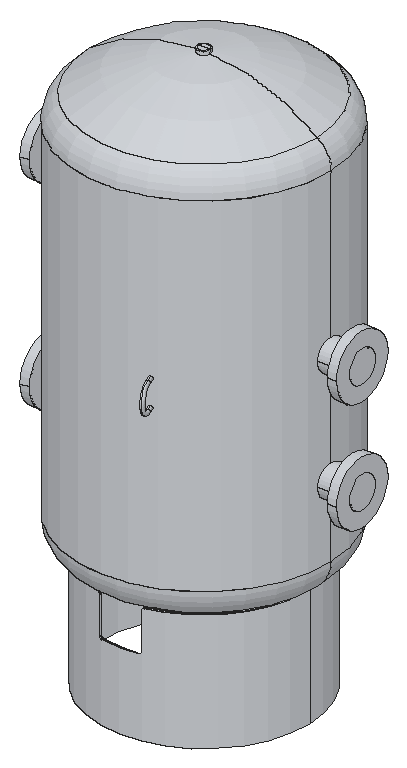
Revit family "HWBT-300-4-4-125 and 150", category Mechanical Equipment, Revit 2014
Parameters (values of type "HWBT-300-4-4-125 and 150")
  Tank Weight = "709 lbs @ 125, 780 lbs @ 150"
  Tank Volume = "300 Gal"
  Tank Height = "80 3/8\""
  Tank Diameter = "36\""
  Note = "All dimensions and weights are approximate"
  Maximum Acceptance Volume = "N/A"
  Max Operating Temp = "450° F"
  Max Operating Pressure = "125psi, or 150psi (depending on model)"
  Connector Size = "4\""
Reference planes (in)
  plane 1 "Center (Front/Back)": y = 0
  plane 2: z = 0
  plane 3 "Center (Left/Right)": x = 0
Forms (in)
  Sweep 1, solid
    path origin (0.00567, -0.22084, -0.12453) x (0.338389, -0.941006, 0) y (0, 0, 1)
      loop
        line (17.83546, 48.42089) -> (18.83546, 48.42089)
        arc (18.83546, 48.42089) -> (20.71046, 46.54589) -> (18.83546, 44.67089) r 1.875
        line (18.83546, 44.67089) -> (17.83546, 44.67089)
    profile origin (6.21019, -17.47463, 48.29636) x (0, 0, 1) y (-0.941006, -0.338389, 0)
      loop
        circle (0, 0) r 0.25
  Extrusion 2, solid
    sketch origin (0, 0, 0) x (1, 0, 0) y (0, 1, 0)
      loop
        circle (0, 0) r 15
      loop
        circle (0, 0) r 14.8125
    from 0 to 17
  Extrusion 3, void
    sketch origin (0, 0, 0) x (1, 0, 0) y (0, 0, 1)
      loop
        arc (-3.4137, 17) -> (-3.12117, 16.87883) -> (-3, 16.5863) r 0.4137
        line (-3, 16.5863) -> (-3, 11.4137)
        arc (-3, 11.4137) -> (-2.87883, 11.12117) -> (-2.5863, 11) r 0.4137
        line (-2.5863, 11) -> (2.5863, 11)
        arc (2.5863, 11) -> (2.87883, 11.12117) -> (3, 11.4137) r 0.4137
        line (3, 11.4137) -> (3, 16.5863)
        arc (3, 16.5863) -> (3.12117, 16.87883) -> (3.4137, 17) r 0.4137
        line (3.4137, 17) -> (3.45066, 17.20962) -> (-3.4137, 17.20962) -> (-3.4137, 17)
    from 0 to 18
  Extrusion 4, void
    sketch origin (0, 0, 0) x (1, 0, 0) y (0, 0, 1)
      loop
        line (-6, 17) -> (-6, 2.4137)
        arc (-6, 2.4137) -> (-5.87883, 2.12117) -> (-5.5863, 2) r 0.4137
        line (-5.5863, 2) -> (5.5863, 2)
        arc (5.5863, 2) -> (5.87883, 2.12117) -> (6, 2.4137) r 0.4137
        line (6, 2.4137) -> (6, 17.6637) -> (-6, 17.6637) -> (-6, 17)
    from 0 to -18
  Revolve 5, solid
    sketch origin (0, 0, 0) x (1, 0, 0) y (0, 0, 1)
      loop
        line (0, 80.88747) -> (-0.80591, 80.88747)
        arc (-0.80591, 80.88747) -> (-0.85014, 80.86915) -> (-0.86845, 80.82493) r 0.06254
        line (-0.86845, 80.82493) -> (-0.89214, 80.37289)
        arc (-0.89214, 80.37289) -> (-8.94224, 78.87372) -> (-16.17999, 75.04403) r 27.168
        arc (-16.17999, 75.04403) -> (-17.55638, 73.46039) -> (-18.082, 71.42911) r 4.57937
        line (-18.082, 71.42911) -> (-18.082, 21.72098)
        arc (-18.082, 21.72098) -> (-17.56016, 19.61914) -> (-16.17999, 17.95027) r 4.87859
        arc (-16.17999, 17.95027) -> (-8.93864, 14.12339) -> (-0.88417, 12.63757) r 27.06844
        line (-0.88417, 12.63757) -> (-0.86845, 12.18762)
        arc (-0.86845, 12.18762) -> (-0.85014, 12.1434) -> (-0.80591, 12.12508) r 0.06254
        line (-0.80591, 12.12508) -> (0, 12.12508) -> (0, 80.88747)
      axis (0, 80.88747) -> (0, 12.12508)
    angle from 0 to 360
  Extrusion 6, solid
    sketch origin (0, 0, 0) x (0, 1, 0) y (0, 0, 1)
      loop
        circle (0, 32.125) r 2.25
      loop
        circle (0, 48.125) r 2.25
    from 0 to 22.5
  Extrusion 7, solid
    sketch origin (0, 0, 0) x (0, 1, 0) y (0, 0, 1)
      loop
        circle (0, 32.125) r 2.25
      loop
        circle (0, 61) r 2.25
    from 0 to -22.5
  Extrusion 8, solid
    sketch origin (0, 0, 0) x (0, 1, 0) y (0, 0, 1)
      loop
        circle (0, 32.125) r 4.5
      loop
        circle (0, 48.125) r 4.5
    from 21.1875 to 22.5
  Extrusion 9, solid
    sketch origin (0, 0, 0) x (0, 1, 0) y (0, 0, 1)
      loop
        circle (0, 32.125) r 4.5
      loop
        circle (0, 61) r 4.5
    from -21.1875 to -22.5
Cuts and joins
  Extrusion 3, Extrusion 4 cuts Extrusion 2
Dimensions and locks (in)
  aligned and locked: level to plane 2
